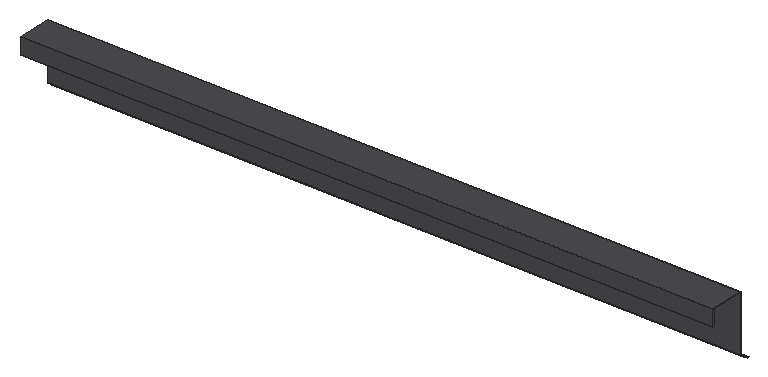
Revit family "BIMLIB_ПланкаТорцеваяФальц_GRANDLINE", category Обобщенные модели, Revit 2017
Family settings
  Может служить основой для арматурных стержней = Нет
  Размер круглого соединителя = Использовать диаметр
  Тип детали = Нормальный
  При загрузке вырезать с полостями = Нет
  Общий = Нет
  Точка расчета площади = Нет
Parameters (values of type "Планка торцевая фальц")
  Описание = ADSK_Наименование  # "Планка торцевая фальц"
  Кровля_Угол [instance] = 0.00°
  Изготовитель = "Grand Line"  # constant formula
  built-in parameter 1001306 [instance] = 1200 mm
  Watermark [instance] = "Модели защищены уникальным кодом"
  URL = "https://www.grandline.ru"
  BL_Разработано = "support@bimlib.pro"
  BL_Email = "info@grandline.ru"
  BL_BIM library = "https://bimlib.pro/manufacturer/company/22430"
  ADSK_Размер_Длина [instance] = [built-in parameter 1001306]  # 1200 mm
  ADSK_Обозначение = "ГОСТ 19904-90, ГОСТ 14918-80"
  ADSK_Наименование = "Планка торцевая фальц"
  ADSK_Материал тип подсчета = 1  # constant formula
  ADSK_Материал = GL_Сталь_RAL9005
  ADSK_Масса_Текст [instance] = ""
  ADSK_Масса [instance] = 0
  ADSK_Марка = ""
  ADSK_Количество [instance] = if(ADSK_Материал тип подсчета = 0, 1, if(ADSK_Материал тип подсчета = 1, ADSK_Размер_Длина / 1000 mm, 0))  # 1.2
  ADSK_Код изделия = "М21.111.00"  # constant formula
  ADSK_Завод-изготовитель = "Grand Line"  # constant formula
  ADSK_Единица измерения = "м"  # constant formula
  ADSK_Группирование = "Доборные элементы"  # constant formula
  ADSK_Версия Revit = "2017"  # constant formula
  ADSK_URL страницы изделия = ""
  ADSK_URL документации изделия = ""
Reference planes
  plane 1 "По центру (Вперед/Назад)": y = 0
  plane 2: z = 0
  plane 3 "Слева": x = 0
  plane 4 "Справа": x = 1200
Forms (mm)
  Sweep 1, solid, material "GL_Сталь_RAL9005" <- "ADSK_Материал"
    path in 3D
      loop
        line (0, 0, 0) -> (1200, 0, 0)
    profile "Профиль_ПланкаТорцеваяФальц : Профиль_ПланкаТорцеваяФальц" origin (600, 0, 0) x (0, 1, 0) y (0, 0, 1)
      loop
        line (-30, 0) -> (-30, -28) -> (-28.4, -28) -> (-28.4, -18) -> (-29.2, -18) -> (-29.2, -0.8) -> (29.2, -0.8) -> (29.2, -97.416) -> (37.733, -103.391) -> (37.274, -104.046) -> (45.465, -109.782) -> (46.383, -108.472) -> (30, -97) -> (30, 0) -> (-30, 0)
Lines and regions (mm)
  reference lines
    curve 1: line (0, 0, 0) -> (1200, 0, 0)
  sketch lines
    curve 2: line (0, 0, 0) -> (1200, 0, 0)
Dimensions and locks
  "built-in parameter 1001306": plane 3 "Слева" to plane 4 "Справа"
  aligned and locked: plane 4 "Справа" to curve 1
  aligned and locked: plane 1 "По центру (Вперед/Назад)" to curve 1
  aligned and locked: plane 3 "Слева" to curve 1
  aligned and locked: level to plane 2
